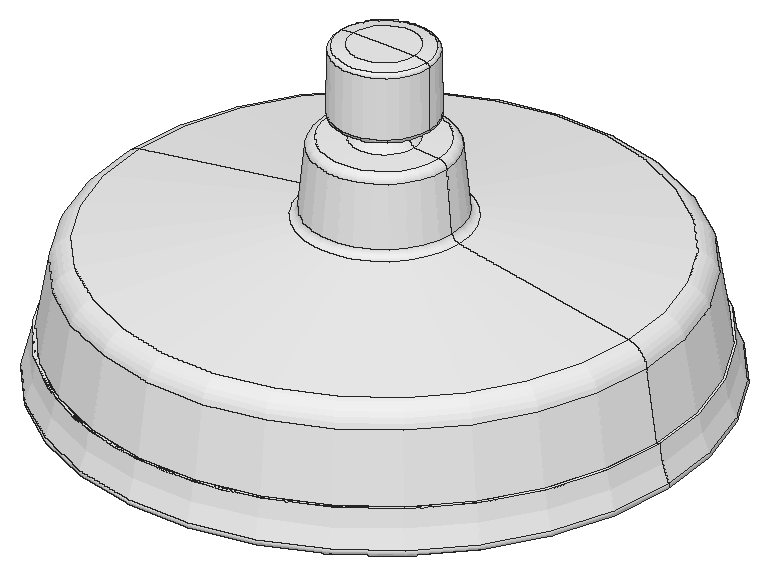
Revit family "Shower_Head-GROHE-Rainshower_Cosmopolitan_160-27135_Series", category Plumbing Fixtures, Revit 2014
Parameters (values of type "27135000")
  cUPC Compliant = yes
  Width = 6 5/16"  # constant formula
  Waste Connection = no
  Warranty Documentation Link = "https://cdn.cloud.grohe.com/tpi/1000/1900/1940/1949/1949006/original/1949006.pdf"
  WFU = 4
  Vent Connection = no
  URL = "http://www.grohe.com/"
  Type Comments = ""
  Tempered Water Connection Radius = 1/4"  # constant formula
  Tempered Water Connection Diameter = Tempered Water Connection Radius * 2  # 1/2"
  Product Page URL = "https://www.grohe.com/ca-en/6370/showers/shower-heads-body-sprays/rainshower-shower-heads/product-details/?product=27135-G165&color=000&material=27135000"
  Price = "Prices may vary. Please consult Manufacturer Representative for most up-to-date price list."  # constant formula
  Model = "27135000"
  Material = "Metal-Grohe-000-Chrome"
  Manufacturer = "GROHE"
  Hot Water Connection Radius = Tempered Water Connection Radius  # 1/4"
  Hot Water Connection Diameter = Hot Water Connection Radius * 2  # 1/2"
  Height = 4"  # constant formula
  HWFU = 3
  HW Connection = yes
  Flow Rate = "2.0GPM (7.6L/min)"
  Finish = Metal-Grohe-000-Chrome
  Description = "Rainshower® Cosmopolitan 160"  # constant formula
  Default Elevation = 0"
  Creation Date = "2017/04/21"  # constant formula
  Cold Water Connection Radius = Hot Water Connection Radius  # 1/4"
  Cold Water Connection Diameter = Cold Water Connection Radius * 2  # 1/2"
  CWFU = 3
  CW Connection = yes
  Assembly Code = "D2010700"
Types (4): name | Type Comments | Product Page URL | Model | Material | Finish
  (no name) | "" | "https://www.grohe.com/ca-en/6370/showers/shower-heads-body-sprays/rainshower-shower-heads/product-details/?product=27135-G165&color=000&material=27135000" | "27135000" | "Metal-Grohe-000-Chrome" | Metal-Grohe-000-Chrome
  27135000 | "" | "https://www.grohe.com/ca-en/6370/showers/shower-heads-body-sprays/rainshower-shower-heads/product-details/?product=27135-G165&color=000&material=27135000" | "27135000" | "Metal-Grohe-000-Chrome" | Metal-Grohe-000-Chrome
  27135ZB0 | "*DISCONTINUED*" | "https://www.grohe.com/ca-en/6370/showers/shower-heads-body-sprays/rainshower-shower-heads/product-details/?product=27135-G165&color=ZB0&material=27135ZB0" | "27135ZB0" | "Metal-Grohe-ZB0-Oil Rubbed Bronze" | Metal-Grohe-ZB0-Oil Rubbed Bronze
  27135EN0 | "" | "https://www.grohe.com/ca-en/6370/showers/shower-heads-body-sprays/rainshower-shower-heads/product-details/?product=27135-G165&color=EN0&material=27135EN0" | "27135EN0" | "Metal-Grohe-EN0-Brushed Nickel" | Metal-Grohe-EN0-Brushed Nickel
Reference planes (in)
  plane 1 "Center (Front/Back)": y = 0
  plane 2: z = 0
  plane 3 "Center (Left/Right)": x = 0
  plane 4: z = -4
  plane 5: x = -3.15625
  plane 6: x = 3.15625
Forms (in)
  Revolve 1, solid, material "Metal-Grohe-000-Chrome" <- "Finish"
    sketch origin (0, 0, 0) x (1, 0, 0) y (0, 0, 1)
      loop
        line (0, 0) -> (-0.33533, 0) -> (-0.46636, -0.02311)
        arc (-0.46636, -0.02311) -> (-0.48991, -0.0366) -> (-0.49942, -0.06201) r 0.04001
        line (-0.49942, -0.06201) -> (-0.50701, -0.67127)
        arc (-0.50701, -0.67127) -> (-0.49739, -0.69511) -> (-0.47368, -0.70502) r 0.03333
        line (-0.47368, -0.70502) -> (-0.28666, -0.70502)
        arc (-0.28666, -0.70502) -> (-0.25346, -0.71877) -> (-0.2397, -0.75197) r 0.04695
        line (-0.2397, -0.75197) -> (-0.2397, -0.82394) -> (-0.32582, -0.91628)
        arc (-0.32582, -0.91628) -> (-0.46581, -0.91862) -> (-0.60564, -0.92589) r 3.97702
        arc (-0.60564, -0.92589) -> (-0.66233, -0.95111) -> (-0.68954, -1.00688) r 0.0907
        line (-0.68954, -1.00688) -> (-0.75359, -1.61634)
        arc (-0.75359, -1.61634) -> (-0.7788, -1.66837) -> (-0.83143, -1.69229) r 0.08512
        arc (-0.83143, -1.69229) -> (-1.779, -1.80477) -> (-2.71531, -1.98876) r 12.57906
        arc (-2.71531, -1.98876) -> (-2.84615, -2.06473) -> (-2.91285, -2.20053) r 0.26096
        line (-2.91285, -2.20053) -> (-3.02698, -2.89704) -> (-3.06002, -2.89704)
        arc (-3.06002, -2.89704) -> (-3.08955, -3.08549) -> (-3.15293, -3.2654) r 1.04237
        arc (-3.15293, -3.2654) -> (-3.15552, -3.29563) -> (-3.13828, -3.3206) r 0.04488
        arc (-3.13828, -3.3206) -> (-3.06939, -3.35534) -> (-2.99318, -3.36746) r 0.25045
        line (-2.99318, -3.36746) -> (-2.95322, -3.36746) -> (-2.94331, -3.40444)
        arc (-2.94331, -3.40444) -> (-2.93403, -3.41971) -> (-2.918, -3.42759) r 0.03187
        arc (-2.918, -3.42759) -> (-2.00191, -3.56165) -> (-1.07989, -3.64562) r 16.99506
        arc (-1.07989, -3.64562) -> (-0.89514, -3.73391) -> (-0.6926, -3.76403) r 0.68928
        arc (-0.6926, -3.76403) -> (-0.67627, -3.80346) -> (-0.63683, -3.81979) r 0.05577
        arc (-0.63683, -3.81979) -> (-0.33093, -3.95412) -> (0, -4.00006) r 1.21502
        line (0, -4.00006) -> (0, 0)
      axis (0, 0) -> (0, -4.00006)
    angle from 0 to 360
  Extrusion 2, solid, material "Metal-Grohe-000-Chrome" <- "Finish"
    sketch origin (0, 0, 0) x (1, 0, 0) y (0, 0, 1)
      loop
        arc (-2.89676, -3.32965) -> (-2.94984, -3.40091) -> (-3.03868, -3.39887) r 0.0968
        arc (-3.03868, -3.39887) -> (-3.06643, -3.40041) -> (-3.07738, -3.42596) r 0.02636
        line (-3.07738, -3.42596) -> (-3.06648, -3.63386)
        arc (-3.06648, -3.63386) -> (-3.0168, -3.72348) -> (-2.9156, -3.7395) r 0.11687
        arc (-2.9156, -3.7395) -> (-2.83421, -3.70744) -> (-2.75884, -3.66304) r 0.55748
        arc (-2.75884, -3.66304) -> (-2.48129, -3.48962) -> (-2.18714, -3.34615) r 3.12664
        line (-2.18714, -3.34615) -> (-2.18714, -3.21121) -> (-2.89676, -3.32965)
    from -0.16393 to 0.15077
Cuts and joins
  joined: Revolve 1, Extrusion 2
Lines and regions (in)
  Masking region 1
    outline origin (0, 0, 0) x (1, 0, 0) y (0, 1, 0)
      loop
        circle (0, 0) r 3.15625
  model lines, style "Default"
    curve 1: line (0, -8.39698, 41.71415) -> (0, -8.39698, 41.7352)
  symbolic lines, detail levels medium+fine
    curve 2: circle (0, 0, 0) r 0.33533 normal (0, 0, 1)
    curve 3: circle (0, 0, 0) r 0.5 normal (0, 0, 1)
  symbolic lines, detail levels fine
    curve 4: circle (0, 0, 0) r 3.06002 normal (0, 0, 1)
    curve 5: circle (0, 0, 0) r 3.02698 normal (0, 0, 1)
Dimensions and locks (in)
  "Height": level to plane 4
  equal spacing: plane 6, plane 3 "Center (Left/Right)", plane 5
  "Width": plane 6 to plane 5
Automatic sketch dimensions
  plane 1 "Center (Front/Back)" to curve 1 = 8.39698"
  level to curve 1 = 41.71415"
  curve 1 to curve 1 = 0.02105"
  Revolve 1 sketch curve to level = 0"
  Revolve 1 sketch curve to plane 3 "Center (Left/Right)" = 0"  (x3)
  Revolve 1 sketch curve to plane 3 "Center (Left/Right)" = 0.2397"
  Revolve 1 sketch curve to Revolve 1 sketch curve = 0.04695"
  Revolve 1 sketch curve to Revolve 1 sketch curve = 0.08611"
  Revolve 1 sketch curve to plane 3 "Center (Left/Right)" = 0.32939"
  Revolve 1 sketch curve to Revolve 1 sketch curve = 0.33533"
  Revolve 1 sketch curve to level = 1/16"
  Revolve 1 sketch curve to Revolve 1 sketch curve = 0.12409"
  Revolve 1 sketch curve to level = 0.02311"
  Revolve 1 sketch curve to Revolve 1 sketch curve = 0.00695"
  Revolve 1 sketch curve to Revolve 1 sketch curve = 0.18703"
  Revolve 1 sketch curve to level = 0.06201"
  Revolve 1 sketch curve to Revolve 1 sketch curve = 0.03333"  (x2)
  Revolve 1 sketch curve to Revolve 1 sketch curve = 0.27352"
  plane 4 to Revolve 1 sketch curve = 0.23597"
  Revolve 1 sketch curve to plane 3 "Center (Left/Right)" = 0.63683"
  Revolve 1 sketch curve to Revolve 1 sketch curve = 0.0902"
  Revolve 1 sketch curve to Revolve 1 sketch curve = 0.05678"
  Revolve 1 sketch curve to Revolve 1 sketch curve = 0.06406"
  Revolve 1 sketch curve to Revolve 1 sketch curve = 0.08465"
  plane 5 to Revolve 1 sketch curve = 0.50093"
  plane 5 to Revolve 1 sketch curve = 0.24372"
  plane 5 to Revolve 1 sketch curve = 0.2434"
  Revolve 1 sketch curve to Revolve 1 sketch curve = 0.03078"
  Revolve 1 sketch curve to Revolve 1 sketch curve = 0.00991"
  plane 5 to Revolve 1 sketch curve = 0.16383"
  Revolve 1 sketch curve to Revolve 1 sketch curve = 0.03997"
  plane 5 to Revolve 1 sketch curve = 0.12927"
  Revolve 1 sketch curve to Revolve 1 sketch curve = 0.03304"
  plane 5 to Revolve 1 sketch curve = 0.0441"
  Revolve 1 sketch curve to plane 5 = 0.94402"
  plane 3 "Center (Left/Right)" to Revolve 1 sketch curve = 0.17653"
  Revolve 1 sketch curve to plane 4 = 0.00006"
  Revolve 1 sketch curve to plane 4 = 0.8933"
  Revolve 1 sketch curve to Revolve 1 sketch curve = 9.3376"
  plane 4 to Revolve 1 sketch curve = 0.59556"
  Revolve 1 sketch curve to Revolve 1 sketch curve = 0.00825"
  Revolve 1 sketch curve to Revolve 1 sketch curve = 0.03698"
  Revolve 1 sketch curve to Revolve 1 sketch curve = 0.08334"
  Revolve 1 sketch curve to Revolve 1 sketch curve = 0.16711"
  Revolve 1 sketch curve to Revolve 1 sketch curve = 0.68928"
  Revolve 1 sketch curve to Revolve 1 sketch curve = 0.21998"
  Revolve 1 sketch curve to Revolve 1 sketch curve = 0.06649"
  Revolve 1 sketch curve to Revolve 1 sketch curve = 0.28972"
  Revolve 1 sketch curve to Revolve 1 sketch curve = 0.6543"
  Revolve 1 sketch curve to Revolve 1 sketch curve = 0.0422"
  Revolve 1 sketch curve to Revolve 1 sketch curve = 1.16869"
  Revolve 1 sketch curve to Revolve 1 sketch curve = 0.0089"
  Revolve 1 sketch curve to Revolve 1 sketch curve = 0.59998"
  Revolve 1 sketch curve to Revolve 1 sketch curve = 0.00948"
  Revolve 1 sketch curve to Revolve 1 sketch curve = 0.0096"
  Revolve 1 sketch curve to Revolve 1 sketch curve = 0.09235"
  Revolve 1 sketch curve to Revolve 1 sketch curve = 0.07197"
  Revolve 1 sketch curve to Revolve 1 sketch curve = 13.3151"
  Revolve 1 sketch curve to Revolve 1 sketch curve = 0"  (x2)
  plane 4 to Revolve 1 sketch curve = 0.35438"
  level to Revolve 1 sketch curve = 0.7874"
  Revolve 1 sketch curve to Revolve 1 sketch curve = 0.2126"
  plane 5 to Extrusion 2 sketch curve = 0.07766"
  plane 5 to Extrusion 2 sketch curve = 0.07887"
  plane 5 to Extrusion 2 sketch curve = 0.08977"
  Extrusion 2 sketch curve to Extrusion 2 sketch curve = 0.02606"
  Extrusion 2 sketch curve to Extrusion 2 sketch curve = 0.05903"
  Extrusion 2 sketch curve to Extrusion 2 sketch curve = 0.11671"
  Extrusion 2 sketch curve to Extrusion 2 sketch curve = 0.09551"
  Extrusion 2 sketch curve to Extrusion 2 sketch curve = 0.70962"
  Extrusion 2 sketch curve to plane 3 "Center (Left/Right)" = 0.96547"
  Extrusion 2 sketch curve to plane 4 = 2.22424"
  plane 4 to Extrusion 2 sketch curve = 0.36614"
  Extrusion 2 sketch curve to Extrusion 2 sketch curve = 0.00612"
  Extrusion 2 sketch curve to Extrusion 2 sketch curve = 0.20789"
  Extrusion 2 sketch curve to Extrusion 2 sketch curve = 0.00396"
  plane 4 to Extrusion 2 sketch curve = 0.65385"
  Extrusion 2 sketch curve to Extrusion 2 sketch curve = 0.09235"
  Extrusion 2 sketch curve to Extrusion 2 sketch curve = 0.01574"
  Extrusion 2 sketch curve to Extrusion 2 sketch curve = 0.10752"
  Extrusion 2 sketch curve to Extrusion 2 sketch curve = 0"
  Extrusion 2 sketch curve to Extrusion 2 sketch curve = 0.13494"
  plane 1 "Center (Front/Back)" to Masking region 1 sketch curve = 0"
  Masking region 1 sketch curve to plane 3 "Center (Left/Right)" = 0"
  curve 2 to curve 3 = 0"  (x2)
  curve 2 to curve 4 = 0"  (x2)
  curve 2 to curve 5 = 0"  (x2)
  curve 3 to curve 4 = 0"  (x2)
  curve 3 to curve 5 = 0"  (x2)
  curve 4 to curve 5 = 0"  (x2)
  plane 1 "Center (Front/Back)" to curve 3 = 0"
  curve 3 to plane 3 "Center (Left/Right)" = 0"
  radius of Masking region 1 sketch curve = 3 5/32"
  radius of curve 2 = 0.33533"
  radius of curve 3 = 1/2"
  radius of curve 4 = 3.06002"
  radius of curve 5 = 3.02698"
Connectors (in)
  piping at (0, 0, 0), diameter 0.5, driven by "Tempered Water Connection Diameter"
    settings: on cut or joined group of Revolve 1, Extrusion 2, index 1, connector inside diameter 24", connector length 0", flow factor 0, pipe flow 0 GPM, pressure drop 0.00 psi, fitting loss kfactor 0, connector angle 0.00°, fixture units 0, engagement length 0", angle of deflection 0.00°, flow configuration 0, flow direction 1, fitting loss method 0, system type 29, joint type 0, gender type 0, connector reference index -1, connector utility 0, adjustable connector no, is connector primary yes, connector description "1/2\" NPT Supply Inlet"
